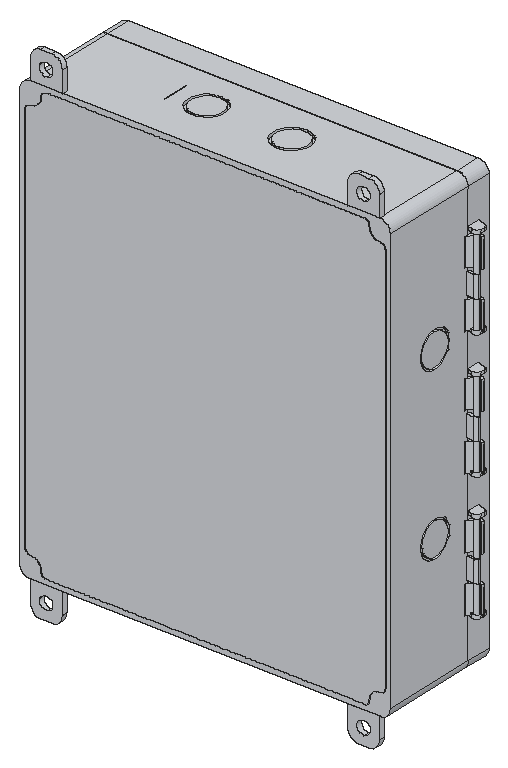
Revit family "Gas-Detectors_GSE-Generation-2-Standalone_Brasch", category Generic Models, Revit 2024
Family settings
  Can host rebar = No
  Round Connector Dimension = Use Diameter
  Part Type = Normal
  Work Plane-Based = No
  Always vertical = Yes
  Cut with Voids When Loaded = No
  Maintain Annotation Orientation = No
  Shared = No
  Room Calculation Point = No
Parameters (values of type "GSE2-ND, Nitrogen Dioxide Detector")
  WIDTH = 8.72"
  URL = "https://braschenvtech.com/"
  Specification = "https://www.arcat.com/company/brasch-environmental-technologies-52580/spec"
  Product Page URL = "https://www.arcat.com/company/brasch-environmental-technologies-52580"
  Material = Gray
  Manufacturer = "Brasch Environmental Technologies"  # constant formula
  Keynote = "28 42 15"
  Input Voltage = "24 VAC, 120 VAC"
  HEIGHT = 10.50"
  Default Elevation = 0.00"
  DEPTH = 2.90"
  Copyright = "@ARCAT"  # constant formula
  CAD Details = "https://www.arcat.com/company/brasch-environmental-technologies-52580/cad"
Types (5): name
  GSE2-CM, Carbon Monoxide Detector
  GSE2-ND, Nitrogen Dioxide Detector
  GSE2-OX, Oxygen Detector
  GSE2-NCM, Combination Detector, Nitrogen Dioxide and Carbon Monoxide
  GSE2, without any internal sensors
Reference planes (in)
  plane 1 "Center (Front/Back)": y = 0
  plane 2: z = 0
  plane 3 "Center (Left/Right)": x = 0
  plane 4: z = 0.3775
  plane 5: z = 0.4375
  plane 6: z = 0.4975
Forms (in)
  Extrusion 1, solid
    sketch origin (-4.37285, 0, 10.44843) x (0, 0, 1) y (-1, 0, 0)
      loop
        line (0.05157, -8.195) -> (0.05157, 0.025)
        arc (0.05157, 0.025) -> (-0.02165, 0.20178) -> (-0.19843, 0.275) r 0.25
        line (-0.19843, 0.275) -> (-10.19843, 0.275)
        arc (-10.19843, 0.275) -> (-10.37521, 0.20178) -> (-10.44843, 0.025) r 0.25
        line (-10.44843, 0.025) -> (-10.44843, -8.195)
        arc (-10.44843, -8.195) -> (-10.37521, -8.37178) -> (-10.19843, -8.445) r 0.25
        line (-10.19843, -8.445) -> (-0.19843, -8.445)
        arc (-0.19843, -8.445) -> (-0.02165, -8.37178) -> (0.05157, -8.195) r 0.25
      loop
        arc (-0.06843, -0.34997) -> (-0.10549, -0.26133) -> (-0.19462, -0.22546) r 0.12452
        arc (-0.19462, -0.22546) -> (-0.37407, -0.15113) -> (-0.44841, 0.02833) r 0.25379
        arc (-0.44841, 0.02833) -> (-0.48442, 0.1178) -> (-0.5734, 0.155) r 0.125
        line (-0.5734, 0.155) -> (-9.82346, 0.155)
        arc (-9.82346, 0.155) -> (-9.91244, 0.1178) -> (-9.94845, 0.02833) r 0.125
        arc (-9.94845, 0.02833) -> (-10.02279, -0.15113) -> (-10.20225, -0.22546) r 0.25379
        arc (-10.20225, -0.22546) -> (-10.29137, -0.26133) -> (-10.32843, -0.34997) r 0.12452
        line (-10.32843, -0.34997) -> (-10.32843, -7.82003)
        arc (-10.32843, -7.82003) -> (-10.29137, -7.90867) -> (-10.20225, -7.94454) r 0.12452
        arc (-10.20225, -7.94454) -> (-10.02279, -8.01887) -> (-9.94845, -8.19833) r 0.25379
        arc (-9.94845, -8.19833) -> (-9.91244, -8.2878) -> (-9.82346, -8.325) r 0.125
        line (-9.82346, -8.325) -> (-0.5734, -8.325)
        arc (-0.5734, -8.325) -> (-0.48442, -8.2878) -> (-0.44841, -8.19833) r 0.125
        arc (-0.44841, -8.19833) -> (-0.37407, -8.01887) -> (-0.19462, -7.94454) r 0.25379
        arc (-0.19462, -7.94454) -> (-0.10549, -7.90867) -> (-0.06843, -7.82003) r 0.12452
        line (-0.06843, -7.82003) -> (-0.06843, -0.34997)
    from 0 to -2.331
  Extrusion 2, solid
    sketch origin (0, 0, 0) x (1, 0, 0) y (0, 1, 0)
      loop
        line (4.1498, 2.38521) -> (4.07215, 2.276) -> (4.07215, 2.148)
        arc (4.07215, 2.148) -> (4.07469, 2.16427) -> (4.08205, 2.179) r 0.0535
        line (4.08205, 2.179) -> (4.20394, 2.35045)
        arc (4.20394, 2.35045) -> (4.25204, 2.37527) -> (4.30014, 2.35045) r 0.05902
        line (4.30014, 2.35045) -> (4.33643, 2.35045)
        arc (4.33643, 2.35045) -> (4.35667, 2.35809) -> (4.35724, 2.37971) r 0.01939
        arc (4.35724, 2.37971) -> (4.25498, 2.43774) -> (4.1498, 2.38521) r 0.125
    from 8.58333 to 9.25
  Extrusion 3, solid
    sketch origin (0, 0, -1.33333) x (1, 0, 0) y (0, 1, 0)
      loop
        line (4.1498, 2.38521) -> (4.07215, 2.276) -> (4.07215, 2.148)
        arc (4.07215, 2.148) -> (4.07469, 2.16427) -> (4.08205, 2.179) r 0.0535
        line (4.08205, 2.179) -> (4.20394, 2.35045)
        arc (4.20394, 2.35045) -> (4.25204, 2.37527) -> (4.30014, 2.35045) r 0.05902
        line (4.30014, 2.35045) -> (4.33643, 2.35045)
        arc (4.33643, 2.35045) -> (4.35667, 2.35809) -> (4.35724, 2.37971) r 0.01939
        arc (4.35724, 2.37971) -> (4.25498, 2.43774) -> (4.1498, 2.38521) r 0.125
    from 8.58333 to 9.25
  Extrusion 4, solid
    sketch origin (0, 0, -3) x (1, 0, 0) y (0, 1, 0)
      loop
        line (4.1498, 2.38521) -> (4.07215, 2.276) -> (4.07215, 2.148)
        arc (4.07215, 2.148) -> (4.07469, 2.16427) -> (4.08205, 2.179) r 0.0535
        line (4.08205, 2.179) -> (4.20394, 2.35045)
        arc (4.20394, 2.35045) -> (4.25204, 2.37527) -> (4.30014, 2.35045) r 0.05902
        line (4.30014, 2.35045) -> (4.33643, 2.35045)
        arc (4.33643, 2.35045) -> (4.35667, 2.35809) -> (4.35724, 2.37971) r 0.01939
        arc (4.35724, 2.37971) -> (4.25498, 2.43774) -> (4.1498, 2.38521) r 0.125
    from 8.58333 to 9.25
  Extrusion 5, solid
    sketch origin (0, 0, -4.33333) x (1, 0, 0) y (0, 1, 0)
      loop
        line (4.1498, 2.38521) -> (4.07215, 2.276) -> (4.07215, 2.148)
        arc (4.07215, 2.148) -> (4.07469, 2.16427) -> (4.08205, 2.179) r 0.0535
        line (4.08205, 2.179) -> (4.20394, 2.35045)
        arc (4.20394, 2.35045) -> (4.25204, 2.37527) -> (4.30014, 2.35045) r 0.05902
        line (4.30014, 2.35045) -> (4.33643, 2.35045)
        arc (4.33643, 2.35045) -> (4.35667, 2.35809) -> (4.35724, 2.37971) r 0.01939
        arc (4.35724, 2.37971) -> (4.25498, 2.43774) -> (4.1498, 2.38521) r 0.125
    from 8.58333 to 9.25
  Extrusion 6, solid
    sketch origin (0, 0, -6) x (1, 0, 0) y (0, 1, 0)
      loop
        line (4.1498, 2.38521) -> (4.07215, 2.276) -> (4.07215, 2.148)
        arc (4.07215, 2.148) -> (4.07469, 2.16427) -> (4.08205, 2.179) r 0.0535
        line (4.08205, 2.179) -> (4.20394, 2.35045)
        arc (4.20394, 2.35045) -> (4.25204, 2.37527) -> (4.30014, 2.35045) r 0.05902
        line (4.30014, 2.35045) -> (4.33643, 2.35045)
        arc (4.33643, 2.35045) -> (4.35667, 2.35809) -> (4.35724, 2.37971) r 0.01939
        arc (4.35724, 2.37971) -> (4.25498, 2.43774) -> (4.1498, 2.38521) r 0.125
    from 8.58333 to 9.25
  Extrusion 7, solid
    sketch origin (0, 0, -7.33333) x (1, 0, 0) y (0, 1, 0)
      loop
        line (4.1498, 2.38521) -> (4.07215, 2.276) -> (4.07215, 2.148)
        arc (4.07215, 2.148) -> (4.07469, 2.16427) -> (4.08205, 2.179) r 0.0535
        line (4.08205, 2.179) -> (4.20394, 2.35045)
        arc (4.20394, 2.35045) -> (4.25204, 2.37527) -> (4.30014, 2.35045) r 0.05902
        line (4.30014, 2.35045) -> (4.33643, 2.35045)
        arc (4.33643, 2.35045) -> (4.35667, 2.35809) -> (4.35724, 2.37971) r 0.01939
        arc (4.35724, 2.37971) -> (4.25498, 2.43774) -> (4.1498, 2.38521) r 0.125
    from 8.58333 to 9.25
  Extrusion 8, solid
    sketch origin (0, 0, 0) x (1, 0, 0) y (0, 1, 0)
      loop
        line (4.07215, 2.211) -> (4.27015, 2.211)
        arc (4.27015, 2.211) -> (4.31106, 2.21894) -> (4.34602, 2.24159) r 0.10938
        arc (4.34602, 2.24159) -> (4.3507, 2.26348) -> (4.33215, 2.276) r 0.02
        line (4.33215, 2.276) -> (4.30015, 2.276)
        arc (4.30015, 2.276) -> (4.25165, 2.25147) -> (4.20315, 2.276) r 0.0602
        line (4.20315, 2.276) -> (4.07215, 2.276) -> (4.07215, 2.211)
    from 7.99997 to 8.50003
  Extrusion 9, solid
    sketch origin (0, 0, -3) x (1, 0, 0) y (0, 1, 0)
      loop
        line (4.07215, 2.211) -> (4.27015, 2.211)
        arc (4.27015, 2.211) -> (4.31106, 2.21894) -> (4.34602, 2.24159) r 0.10938
        arc (4.34602, 2.24159) -> (4.3507, 2.26348) -> (4.33215, 2.276) r 0.02
        line (4.33215, 2.276) -> (4.30015, 2.276)
        arc (4.30015, 2.276) -> (4.25165, 2.25147) -> (4.20315, 2.276) r 0.0602
        line (4.20315, 2.276) -> (4.07215, 2.276) -> (4.07215, 2.211)
    from 7.99997 to 8.50003
  Extrusion 10, solid
    sketch origin (0, 0, -6) x (1, 0, 0) y (0, 1, 0)
      loop
        line (4.07215, 2.211) -> (4.27015, 2.211)
        arc (4.27015, 2.211) -> (4.31106, 2.21894) -> (4.34602, 2.24159) r 0.10938
        arc (4.34602, 2.24159) -> (4.3507, 2.26348) -> (4.33215, 2.276) r 0.02
        line (4.33215, 2.276) -> (4.30015, 2.276)
        arc (4.30015, 2.276) -> (4.25165, 2.25147) -> (4.20315, 2.276) r 0.0602
        line (4.20315, 2.276) -> (4.07215, 2.276) -> (4.07215, 2.211)
    from 7.99997 to 8.50003
  Extrusion 11, solid
    sketch origin (-4.1404, 0.12, 0.33138) x (0, 0, -1) y (-1, 0, 0)
      loop
        circle (-9.57553, -6.20256) r 0.14
      loop
        circle (-9.57553, -6.20256) r 0.05482
      loop
        circle (-9.57244, -1.5026) r 0.14
      loop
        circle (-9.57244, -1.5026) r 0.05482
      loop
        circle (-4.87594, -1.50149) r 0.14
      loop
        circle (-4.87594, -1.50149) r 0.05482
      loop
        circle (-4.87612, -6.20255) r 0.14
      loop
        circle (-4.87612, -6.20255) r 0.05482
    from 0 to 2.278
  Extrusion 12, solid
    sketch origin (-2.8954, 0.12, -3.98112) x (0, 0, -1) y (-1, 0, 0)
      loop
        circle (-4.87612, -6.20255) r 0.14
      loop
        circle (-4.87612, -6.20255) r 0.06853
      loop
        circle (-4.87612, -5.58255) r 0.14
      loop
        circle (-4.87612, -5.58255) r 0.06853
      loop
        circle (-4.87612, -2.91755) r 0.14
      loop
        circle (-4.87612, -2.91755) r 0.06853
      loop
        circle (-4.87612, -2.29755) r 0.14
      loop
        circle (-4.87612, -2.29755) r 0.06853
      loop
        circle (-4.87612, 0.98731) r 0.14
      loop
        circle (-4.87612, 0.98731) r 0.06853
      loop
        circle (-12.14112, 0.98745) r 0.14
      loop
        circle (-12.14112, 0.98745) r 0.06853
      loop
        circle (-12.14112, -6.20255) r 0.14
      loop
        circle (-12.14112, -6.20255) r 0.06853
      loop
        circle (-13.34612, -4.25005) r 0.14
      loop
        circle (-13.34612, -4.25005) r 0.06853
      loop
        circle (-13.34612, -0.96505) r 0.14
      loop
        circle (-13.34612, -0.96505) r 0.06853
      loop
        circle (-11.03862, -2.60755) r 0.14
      loop
        circle (-11.03862, -2.60755) r 0.06853
      loop
        circle (-9.48612, -0.96505) r 0.14
      loop
        circle (-9.48612, -0.96505) r 0.06853
      loop
        circle (-9.48612, -4.25005) r 0.14
      loop
        circle (-9.48612, -4.25005) r 0.06853
      loop
        circle (-9.88824, -6.211) r 0.14
      loop
        circle (-9.88824, -6.211) r 0.06853
      loop
        circle (-8.73612, -6.20255) r 0.14
      loop
        circle (-8.73612, -6.20255) r 0.06853
      loop
        circle (-8.73612, -5.58255) r 0.14
      loop
        circle (-8.73612, -5.58255) r 0.06853
      loop
        circle (-8.73612, -2.91755) r 0.14
      loop
        circle (-8.73612, -2.91755) r 0.06853
      loop
        circle (-8.73612, -2.29755) r 0.14
      loop
        circle (-8.73612, -2.29755) r 0.06853
      loop
        circle (-8.73612, 0.98745) r 0.14
      loop
        circle (-8.73612, 0.98745) r 0.06853
      loop
        circle (-9.93612, 0.98745) r 0.14
      loop
        circle (-9.93612, 0.98745) r 0.06853
    from 0 to 0.4
  Extrusion 13, solid
    sketch origin (-2.7504, 0.12, -4.27612) x (0, 0, -1) y (-1, 0, 0)
      loop
        circle (-4.87612, -6.20255) r 0.14
      loop
        circle (-4.87612, -6.20255) r 0.06853
      loop
        circle (-4.87612, 1.27745) r 0.14
      loop
        circle (-4.87612, 1.27745) r 0.06853
      loop
        circle (-14.17612, 1.27745) r 0.14
      loop
        circle (-14.17612, 1.27745) r 0.06853
      loop
        circle (-14.17612, -6.20255) r 0.14
      loop
        circle (-14.17612, -6.20255) r 0.06853
      loop
        circle (-9.52612, -2.46255) r 0.14
      loop
        circle (-9.52612, -2.46255) r 0.06853
    from 0 to 0.2
  Extrusion 14, solid
    sketch origin (1.94394, 0.7353, 5.1325) x (0, 1, 0) y (-1, 0, 0)
      loop
        line (-0.6153, 0.44574) -> (-0.6153, 0.00939) -> (-0.01296, 0.00939) -> (-0.6153, 0.44574)
      loop
        line (0, 4.46357) -> (-0.6153, 4.46357) -> (-0.6153, 4.01783) -> (0, 4.46357)
    from 0 to 0.15
  Extrusion 15, solid
    sketch origin (1.94393, 0.7353, 9.8315) x (0, 1, 0) y (-1, 0, 0)
      loop
        line (-0.6153, 0.44574) -> (-0.6153, 0.00939) -> (-0.01296, 0.00939) -> (-0.6153, 0.44574)
      loop
        line (0, 4.46357) -> (-0.6153, 4.46357) -> (-0.6153, 4.01783) -> (0, 4.46357)
    from 0 to 0.15
  Extrusion 16, solid
    sketch origin (-2.56285, 0.7353, 5.32572) x (0, 0, -1) y (0, 1, 0)
      loop
        line (0, 0) -> (-0.44574, -0.6153) -> (0, -0.6153) -> (0, 0)
      loop
        line (-4.46357, -0.6153) -> (-4.01683, -0.6153) -> (-4.46357, 0.00138) -> (-4.46357, -0.6153)
    from 0 to -0.15
  Extrusion 17, solid
    sketch origin (2.13635, 0.7353, 5.32572) x (0, 0, -1) y (0, 1, 0)
      loop
        line (0, 0) -> (-0.44574, -0.6153) -> (0, -0.6153) -> (0, 0)
      loop
        line (-4.46357, -0.6153) -> (-4.01683, -0.6153) -> (-4.46357, 0.00138) -> (-4.46357, -0.6153)
    from 0 to -0.15
  Extrusion 18, solid
    sketch origin (-4.1404, 0.12, 0.33138) x (0, 0, -1) y (-1, 0, 0)
      loop
        line (-10.04862, -0.11752) -> (-10.04862, -7.58759)
        arc (-10.04862, -7.58759) -> (-10.01156, -7.67622) -> (-9.92244, -7.7121) r 0.12452
        arc (-9.92244, -7.7121) -> (-9.74298, -7.78643) -> (-9.66864, -7.96589) r 0.25379
        arc (-9.66864, -7.96589) -> (-9.63263, -8.05535) -> (-9.54366, -8.09256) r 0.125
        line (-9.54366, -8.09256) -> (-0.29359, -8.09256)
        arc (-0.29359, -8.09256) -> (-0.20461, -8.05535) -> (-0.1686, -7.96589) r 0.125
        arc (-0.1686, -7.96589) -> (-0.09427, -7.78643) -> (0.08519, -7.7121) r 0.25379
        arc (0.08519, -7.7121) -> (0.17432, -7.67622) -> (0.21138, -7.58759) r 0.12452
        line (0.21138, -7.58759) -> (0.21138, -0.11752)
        arc (0.21138, -0.11752) -> (0.17432, -0.02889) -> (0.08519, 0.00698) r 0.12452
        arc (0.08519, 0.00698) -> (-0.09427, 0.08132) -> (-0.1686, 0.26078) r 0.25379
        arc (-0.1686, 0.26078) -> (-0.20461, 0.35024) -> (-0.29359, 0.38744) r 0.125
        line (-0.29359, 0.38744) -> (-9.54366, 0.38744)
        arc (-9.54366, 0.38744) -> (-9.63263, 0.35024) -> (-9.66864, 0.26078) r 0.125
        arc (-9.66864, 0.26078) -> (-9.74298, 0.08132) -> (-9.92244, 0.00698) r 0.25379
        arc (-9.92244, 0.00698) -> (-10.01156, -0.02889) -> (-10.04862, -0.11752) r 0.12452
    from 0 to -0.12
  Extrusion 19, solid
    sketch origin (-4.1404, 0.12, 0.33138) x (0, 0, -1) y (-1, 0, 0)
      loop
        line (0.83138, 0.25744) -> (0.33138, 0.25744) -> (0.33138, -0.49256) -> (0.83138, -0.49256)
        arc (0.83138, -0.49256) -> (1.00815, -0.41933) -> (1.08138, -0.24256) r 0.25
        line (1.08138, -0.24256) -> (1.08138, 0.00744)
        arc (1.08138, 0.00744) -> (1.00815, 0.18422) -> (0.83138, 0.25744) r 0.25
      loop
        line (0.83138, -7.21256) -> (0.33138, -7.21256) -> (0.33138, -7.96256) -> (0.83138, -7.96256)
        arc (0.83138, -7.96256) -> (1.00815, -7.88933) -> (1.08138, -7.71256) r 0.25
        line (1.08138, -7.71256) -> (1.08138, -7.46256)
        arc (1.08138, -7.46256) -> (1.00815, -7.28578) -> (0.83138, -7.21256) r 0.25
      loop
        circle (0.70638, -0.11756) r 0.16
      loop
        circle (0.70638, -7.58756) r 0.16
      loop
        arc (-10.66862, 0.25744) -> (-10.8454, 0.18422) -> (-10.91862, 0.00744) r 0.25
        line (-10.91862, 0.00744) -> (-10.91862, -0.24256)
        arc (-10.91862, -0.24256) -> (-10.8454, -0.41933) -> (-10.66862, -0.49256) r 0.25
        line (-10.66862, -0.49256) -> (-10.16862, -0.49256) -> (-10.16862, 0.25744) -> (-10.66862, 0.25744)
      loop
        arc (-10.66862, -7.21256) -> (-10.8454, -7.28578) -> (-10.91862, -7.46256) r 0.25
        line (-10.91862, -7.46256) -> (-10.91862, -7.71256)
        arc (-10.91862, -7.71256) -> (-10.8454, -7.88933) -> (-10.66862, -7.96256) r 0.25
        line (-10.66862, -7.96256) -> (-10.16862, -7.96256) -> (-10.16862, -7.21256) -> (-10.66862, -7.21256)
      loop
        circle (-10.54362, -0.11756) r 0.16
      loop
        circle (-10.54362, -7.58756) r 0.16
    from 0 to -0.12
  Extrusion 20, void
    sketch origin (-4.64785, 0, 10.25) x (0, 0, 1) y (0, -1, 0)
      loop
        circle (-3, -1.3) r 0.4375
      loop
        circle (-3, -1.3) r 0.375
      loop
        circle (-7.00175, -1.30665) r 0.4375
      loop
        circle (-7.00175, -1.30665) r 0.375
    from 0 to 0.066
  Extrusion 21, void
    sketch origin (4.07215, 0, 10.25) x (0, 0, 1) y (0, 1, 0)
      loop
        circle (-3, 1.3) r 0.4375
      loop
        circle (-3, 1.3) r 0.375
      loop
        circle (-7.00175, 1.30665) r 0.4375
      loop
        circle (-7.00175, 1.30665) r 0.375
    from 0 to 0.066
  Extrusion 22, void
    sketch origin (3.82215, 0, 10.5) x (0, -1, 0) y (-1, 0, 0)
      loop
        circle (-1.3, 3.11) r 0.4375
      loop
        circle (-1.3, 3.11) r 0.375
      loop
        circle (-1.3, 5.11) r 0.4375
      loop
        circle (-1.3, 5.11) r 0.375
    from 0 to 0.066
  Extrusion 23, void
    sketch origin (3.82215, 0, 0) x (1, 0, 0) y (0, 1, 0)
      loop
        circle (-4.11, 1.3) r 0.4375
      loop
        circle (-4.11, 1.3) r 0.375
      loop
        circle (-6.11, 1.3) r 0.4375
      loop
        circle (-6.11, 1.3) r 0.375
      loop
        circle (-2.11, 1.3) r 0.4375
      loop
        circle (-2.11, 1.3) r 0.375
    from 0 to 0.066
  Extrusion 24, void
    sketch origin (-4.1404, 0.12, 0.33138) x (0, 0, 1) y (-1, 0, 0)
      loop
        circle (9.91862, -7.96256) r 0.095
      loop
        circle (9.91862, 0.25744) r 0.095
      loop
        circle (-0.08138, 0.25744) r 0.095
      loop
        circle (-0.08138, -7.96256) r 0.095
    from 0 to -2.211
  Extrusion 25, void
    sketch origin (-4.1404, 0.12, 0.33138) x (0, 0, 1) y (-1, 0, 0)
      loop
        arc (0.11752, -7.96526) -> (0.1677, -8.08884) -> (0.2908, -8.14017) r 0.17328
        line (0.2908, -8.14017) -> (9.53397, -8.14017)
        arc (9.53397, -8.14017) -> (9.65805, -8.08761) -> (9.70665, -7.96192) r 0.17276
        arc (9.70665, -7.96192) -> (9.76671, -7.81193) -> (9.91574, -7.74951) r 0.20912
        arc (9.91574, -7.74951) -> (10.05002, -7.70032) -> (10.10658, -7.56896) r 0.18083
        line (10.10658, -7.56896) -> (10.10658, -0.1171)
        arc (10.10658, -0.1171) -> (10.06269, 0.00019) -> (9.95259, 0.05987) r 0.17868
        arc (9.95259, 0.05987) -> (9.79087, 0.1073) -> (9.72085, 0.2606) r 0.2028
        arc (9.72085, 0.2606) -> (9.67059, 0.38594) -> (9.54602, 0.43809) r 0.17486
        line (9.54602, 0.43809) -> (0.29665, 0.43809)
        arc (0.29665, 0.43809) -> (0.17157, 0.3861) -> (0.12017, 0.26078) r 0.17649
        arc (0.12017, 0.26078) -> (0.06099, 0.11654) -> (-0.08244, 0.05543) r 0.20536
        arc (-0.08244, 0.05543) -> (-0.20825, 0.00618) -> (-0.26095, -0.11821) r 0.1741
        line (-0.26095, -0.11821) -> (-0.26095, -7.58775)
        arc (-0.26095, -7.58775) -> (-0.20934, -7.71155) -> (-0.08507, -7.76202) r 0.17428
        arc (-0.08507, -7.76202) -> (0.05822, -7.82177) -> (0.11752, -7.96526) r 0.20324
      loop
        line (-0.33138, 0.25744) -> (-0.33138, -7.96256)
        arc (-0.33138, -7.96256) -> (-0.25815, -8.13933) -> (-0.08138, -8.21256) r 0.25
        line (-0.08138, -8.21256) -> (9.91862, -8.21256)
        arc (9.91862, -8.21256) -> (10.0954, -8.13933) -> (10.16862, -7.96256) r 0.25
        line (10.16862, -7.96256) -> (10.16862, 0.25744)
        arc (10.16862, 0.25744) -> (10.0954, 0.43422) -> (9.91862, 0.50744) r 0.25
        line (9.91862, 0.50744) -> (-0.08138, 0.50744)
        arc (-0.08138, 0.50744) -> (-0.25815, 0.43422) -> (-0.33138, 0.25744) r 0.25
    from -2.156 to -2.211
Cuts and joins
  Extrusion 20, Extrusion 21, Extrusion 22, Extrusion 23, Extrusion 24, Extrusion 25 cuts Extrusion 1
  Extrusion 25 cuts Extrusion 19
Dimensions and locks (in)
  locked: plane 4 to level at 0.3775
  plane 6 to plane 5 to plane 4 = 0.06" locked, 0.06" locked
  aligned and locked: plane 2 to level
Nested families (in)
  nested 1: "GSE2 lid" at (-0.00781, 2.77818, 0), type "GSE2 lid"
Definition of nested family "GSE2 lid"
  Parameters (values of type "GSE2 lid")
    Default Elevation = 0.00"
  Reference planes (in)
    plane 1 "Center (Front/Back)": y = 0
    plane 2: z = 0
    plane 3 "Center (Left/Right)": x = 0
  Forms (in)
    Extrusion 1, solid
      sketch origin (-3.43, 0.11, 0.7) x (0, 0, -1) y (-1, 0, 0)
        loop
          line (0.7, -7.26) -> (0.7, 0.96)
          arc (0.7, 0.96) -> (0.62678, 1.13678) -> (0.45, 1.21) r 0.25
          line (0.45, 1.21) -> (-9.55, 1.21)
          arc (-9.55, 1.21) -> (-9.72678, 1.13678) -> (-9.8, 0.96) r 0.25
          line (-9.8, 0.96) -> (-9.8, -7.26)
          arc (-9.8, -7.26) -> (-9.72678, -7.43678) -> (-9.55, -7.51) r 0.25
          line (-9.55, -7.51) -> (0.45, -7.51)
          arc (0.45, -7.51) -> (0.62678, -7.43678) -> (0.7, -7.26) r 0.25
        loop
          arc (0.48, 0.58503) -> (0.19365, 0.70365) -> (0.07503, 0.99) r 0.40497
          line (0.07503, 0.99) -> (-9.17503, 0.99)
          arc (-9.17503, 0.99) -> (-9.29365, 0.70365) -> (-9.58, 0.58503) r 0.40497
          line (-9.58, 0.58503) -> (-9.58, -6.88503)
          arc (-9.58, -6.88503) -> (-9.29365, -7.00365) -> (-9.17503, -7.29) r 0.40497
          line (-9.17503, -7.29) -> (0.07503, -7.29)
          arc (0.07503, -7.29) -> (0.19365, -7.00365) -> (0.48, -6.88503) r 0.40497
          line (0.48, -6.88503) -> (0.48, 0.58503)
      from 0 to -0.61
    Extrusion 2, solid
      sketch origin (-3.43, 0.11, 0.7) x (0, 0, -1) y (-1, 0, 0)
        loop
          line (0.07503, 0.99) -> (-9.17503, 0.99)
          arc (-9.17503, 0.99) -> (-9.29365, 0.70365) -> (-9.58, 0.58503) r 0.40497
          line (-9.58, 0.58503) -> (-9.58, -6.88503)
          arc (-9.58, -6.88503) -> (-9.29365, -7.00365) -> (-9.17503, -7.29) r 0.40497
          line (-9.17503, -7.29) -> (0.07503, -7.29)
          arc (0.07503, -7.29) -> (0.19365, -7.00365) -> (0.48, -6.88503) r 0.40497
          line (0.48, -6.88503) -> (0.48, 0.58503)
          arc (0.48, 0.58503) -> (0.19365, 0.70365) -> (0.07503, 0.99) r 0.40497
        loop
          arc (-6.732, -2.1335) -> (-6.75045, -2.08895) -> (-6.795, -2.0705) r 0.063
          line (-6.795, -2.0705) -> (-7.519, -2.0705)
          arc (-7.519, -2.0705) -> (-7.56355, -2.08895) -> (-7.582, -2.1335) r 0.063
          line (-7.582, -2.1335) -> (-7.582, -4.1665)
          arc (-7.582, -4.1665) -> (-7.56355, -4.21105) -> (-7.519, -4.2295) r 0.063
          line (-7.519, -4.2295) -> (-6.795, -4.2295)
          arc (-6.795, -4.2295) -> (-6.75045, -4.21105) -> (-6.732, -4.1665) r 0.063
          line (-6.732, -4.1665) -> (-6.732, -2.1335)
        loop
          arc (-6.353, -6.193) -> (-6.29, -6.13) -> (-6.353, -6.067) r 0.063
          line (-6.353, -6.067) -> (-7.353, -6.067)
          arc (-7.353, -6.067) -> (-7.416, -6.13) -> (-7.353, -6.193) r 0.063
          line (-7.353, -6.193) -> (-6.353, -6.193)
        loop
          circle (-6.833, -4.65) r 0.125
        loop
          circle (-6.283, -4.13) r 0.125
        loop
          circle (-6.283, -3.48) r 0.125
        loop
          circle (-6.283, -2.82) r 0.125
        loop
          circle (-6.283, -2.17) r 0.125
        loop
          circle (-6.833, -1.65) r 0.125
        loop
          circle (-7.483, -1.65) r 0.125
        loop
          circle (-8.033, -2.17) r 0.125
        loop
          circle (-8.033, -4.13) r 0.125
        loop
          circle (-7.483, -4.65) r 0.125
      from 0 to -0.11
    Extrusion 3, void
      sketch origin (-3.43, 0.11, 0.7) x (0, 0, -1) y (-1, 0, 0)
        loop
          line (-9.17396, -7.345) -> (0.07503, -7.345)
          arc (0.07503, -7.345) -> (0.13236, -7.32126) -> (0.1561, -7.26393) r 0.08107
          arc (0.1561, -7.26393) -> (0.25319, -7.04324) -> (0.47998, -6.96138) r 0.30599
          arc (0.47998, -6.96138) -> (0.51645, -6.93752) -> (0.535, -6.8981) r 0.08
          line (0.535, -6.8981) -> (0.535, 0.5981)
          arc (0.535, 0.5981) -> (0.51645, 0.63752) -> (0.47998, 0.66138) r 0.08
          arc (0.47998, 0.66138) -> (0.25319, 0.74324) -> (0.1561, 0.96393) r 0.30599
          arc (0.1561, 0.96393) -> (0.13236, 1.02126) -> (0.07503, 1.045) r 0.08107
          line (0.07503, 1.045) -> (-9.17396, 1.045)
          arc (-9.17396, 1.045) -> (-9.23128, 1.02126) -> (-9.25503, 0.96393) r 0.08107
          arc (-9.25503, 0.96393) -> (-9.35212, 0.74324) -> (-9.57891, 0.66138) r 0.30599
          arc (-9.57891, 0.66138) -> (-9.61947, 0.6324) -> (-9.635, 0.58503) r 0.08
          line (-9.635, 0.58503) -> (-9.635, -6.88503)
          arc (-9.635, -6.88503) -> (-9.61947, -6.9324) -> (-9.57891, -6.96138) r 0.08
          arc (-9.57891, -6.96138) -> (-9.35212, -7.04324) -> (-9.25503, -7.26393) r 0.30599
          arc (-9.25503, -7.26393) -> (-9.23128, -7.32126) -> (-9.17396, -7.345) r 0.08107
        loop
          arc (0.07611, -7.445) -> (0.18268, -7.41006) -> (0.24788, -7.31879) r 0.18
          arc (0.24788, -7.31879) -> (0.31568, -7.1246) -> (0.50987, -7.05681) r 0.23668
          arc (0.50987, -7.05681) -> (0.60673, -6.98353) -> (0.635, -6.8654) r 0.18
          line (0.635, -6.8654) -> (0.635, 0.5654)
          arc (0.635, 0.5654) -> (0.60673, 0.68353) -> (0.50987, 0.75681) r 0.18
          arc (0.50987, 0.75681) -> (0.31568, 0.8246) -> (0.24788, 1.01879) r 0.23668
          arc (0.24788, 1.01879) -> (0.18268, 1.11006) -> (0.07611, 1.145) r 0.18
          line (0.07611, 1.145) -> (-9.17503, 1.145)
          arc (-9.17503, 1.145) -> (-9.28161, 1.11006) -> (-9.34681, 1.01879) r 0.18
          arc (-9.34681, 1.01879) -> (-9.4146, 0.8246) -> (-9.60879, 0.75681) r 0.23668
          arc (-9.60879, 0.75681) -> (-9.70006, 0.69161) -> (-9.735, 0.58503) r 0.18
          line (-9.735, 0.58503) -> (-9.735, -6.88503)
          arc (-9.735, -6.88503) -> (-9.70006, -6.99161) -> (-9.60879, -7.05681) r 0.18
          arc (-9.60879, -7.05681) -> (-9.4146, -7.1246) -> (-9.34681, -7.31879) r 0.23668
          arc (-9.34681, -7.31879) -> (-9.28161, -7.41006) -> (-9.17503, -7.445) r 0.18
          line (-9.17503, -7.445) -> (0.07611, -7.445)
      from -0.61 to -0.512
    Extrusion 4, void
      sketch origin (-3.43, 0.11, 0.7) x (0, 0, -1) y (-1, 0, 0)
        loop
          circle (0.45, -7.26) r 0.0705
        loop
          circle (0.45, 0.96) r 0.0705
        loop
          circle (-9.55, 0.96) r 0.0705
        loop
          circle (-9.55, -7.26) r 0.0705
      from -0.04 to -0.61
    Extrusion 5, solid
      sketch origin (4.225, -0.40438, 1.2375) x (1, 0, 0) y (0, 1, 0)
        loop
          line (0.08715, 0.11037) -> (-0.145, 0.20438) -> (-0.145, -0.09562) -> (-0.00253, -0.15331)
          arc (-0.00253, -0.15331) -> (0.09089, -0.14355) -> (0.135, -0.06062) r 0.1
          line (0.135, -0.06062) -> (0.135, 0.03938)
          arc (0.135, 0.03938) -> (0.12192, 0.08218) -> (0.08715, 0.11037) r 0.07659
      from 0 to 0.075
    Extrusion 6, solid
      sketch origin (4.225, -0.40438, 3.3475) x (1, 0, 0) y (0, 1, 0)
        loop
          line (0.08715, 0.11037) -> (-0.145, 0.20438) -> (-0.145, -0.09562) -> (-0.00253, -0.15331)
          arc (-0.00253, -0.15331) -> (0.09089, -0.14355) -> (0.135, -0.06062) r 0.1
          line (0.135, -0.06062) -> (0.135, 0.03938)
          arc (0.135, 0.03938) -> (0.12192, 0.08218) -> (0.08715, 0.11037) r 0.07659
      from 0.01 to 0.085
    Extrusion 7, solid
      sketch origin (4.225, -0.40438, 1.2375) x (1, 0, 0) y (0, 1, 0)
        loop
          circle (0.03503, -0.06062) r 0.06027
      from 0.075 to 2.12
    Extrusion 8, solid
      sketch origin (4.225, -0.40438, 4.2375) x (1, 0, 0) y (0, 1, 0)
        loop
          line (0.08715, 0.11037) -> (-0.145, 0.20438) -> (-0.145, -0.09562) -> (-0.00253, -0.15331)
          arc (-0.00253, -0.15331) -> (0.09089, -0.14355) -> (0.135, -0.06062) r 0.1
          line (0.135, -0.06062) -> (0.135, 0.03938)
          arc (0.135, 0.03938) -> (0.12192, 0.08218) -> (0.08715, 0.11037) r 0.07659
      from 0 to 0.075
    Extrusion 9, solid
      sketch origin (4.225, -0.40438, 6.3475) x (1, 0, 0) y (0, 1, 0)
        loop
          line (0.08715, 0.11037) -> (-0.145, 0.20438) -> (-0.145, -0.09562) -> (-0.00253, -0.15331)
          arc (-0.00253, -0.15331) -> (0.09089, -0.14355) -> (0.135, -0.06062) r 0.1
          line (0.135, -0.06062) -> (0.135, 0.03938)
          arc (0.135, 0.03938) -> (0.12192, 0.08218) -> (0.08715, 0.11037) r 0.07659
      from 0.01 to 0.085
    Extrusion 10, solid
      sketch origin (4.225, -0.40438, 4.2375) x (1, 0, 0) y (0, 1, 0)
        loop
          circle (0.03503, -0.06062) r 0.06027
      from 0.075 to 2.12
    Extrusion 11, solid
      sketch origin (4.225, -0.40438, 7.2375) x (1, 0, 0) y (0, 1, 0)
        loop
          line (0.08715, 0.11037) -> (-0.145, 0.20438) -> (-0.145, -0.09562) -> (-0.00253, -0.15331)
          arc (-0.00253, -0.15331) -> (0.09089, -0.14355) -> (0.135, -0.06062) r 0.1
          line (0.135, -0.06062) -> (0.135, 0.03938)
          arc (0.135, 0.03938) -> (0.12192, 0.08218) -> (0.08715, 0.11037) r 0.07659
      from 0 to 0.075
    Extrusion 12, solid
      sketch origin (4.225, -0.40438, 9.3475) x (1, 0, 0) y (0, 1, 0)
        loop
          line (0.08715, 0.11037) -> (-0.145, 0.20438) -> (-0.145, -0.09562) -> (-0.00253, -0.15331)
          arc (-0.00253, -0.15331) -> (0.09089, -0.14355) -> (0.135, -0.06062) r 0.1
          line (0.135, -0.06062) -> (0.135, 0.03938)
          arc (0.135, 0.03938) -> (0.12192, 0.08218) -> (0.08715, 0.11037) r 0.07659
      from 0.01 to 0.085
    Extrusion 13, solid
      sketch origin (4.225, -0.40438, 7.2375) x (1, 0, 0) y (0, 1, 0)
        loop
          circle (0.03503, -0.06062) r 0.06027
      from 0.075 to 2.12
  Cuts and joins
    Extrusion 3, Extrusion 4 cuts Extrusion 1
  Dimensions and locks (in)
    aligned and locked: plane 2 to level
